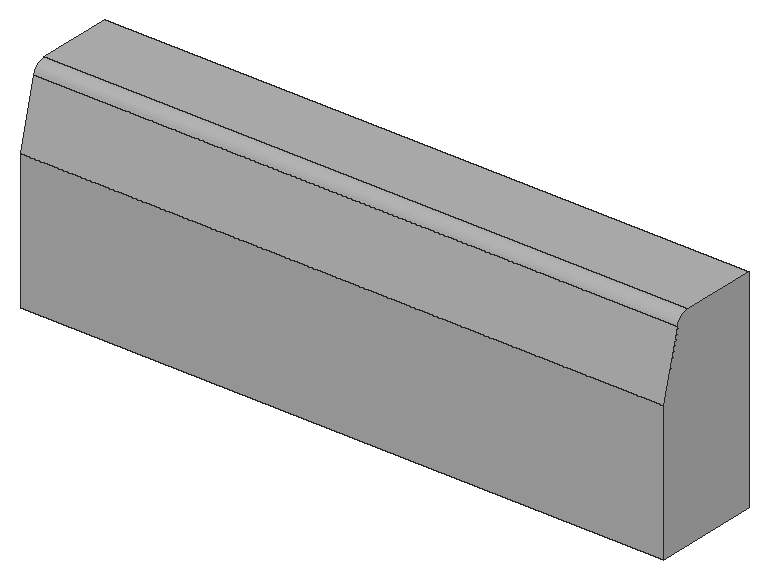
Revit family "K160 12x6 Kerb", category Generic Models, Revit 2020
Family settings
  Can host rebar = No
  Round Connector Dimension = Use Diameter
  Part Type = Normal
  Work Plane-Based = No
  Always vertical = Yes
  Cut with Voids When Loaded = No
  Shared = No
  Room Calculation Point = No
Parameters
  Weight = "95Kg."
  Warranty Guarantor Parts = "n/a"
  Warranty Guarantor Labour = "n/a"
  Warranty Duration Unit = "n/a"
  Warranty Duration Parts = "n/a"
  Warranty Duration Labour = "n/a"
  Warranty Description = "n/a"
  Unit Width [instance] = 150 mm
  Unit Length [instance] = 914 mm
  Unit Height [instance] = 300 mm
  URL = "www.killeshal.com"
  Types = "Single"
  Type Comments = "Visit our website for a full list of available products."
  Sustainability Performance = "n/a"
  Structural Class = "n/a"
  Span = "Length."
  Slope = "0.00°"
  Size = "150 Wide x 300 High x 914mm Long."
  Shape = "As per drawing"
  Service Life = "0.000000"
  Serial Number = "n/a"
  Resistance to Fire = "n/a"
  Replacement Cost = "n/a"
  Reference = "n/a"
  Notified Body = "n/a"
  Nominal Cover to Main Bar = "n/a"
  Model = "K/160 Kerb."
  Mechanical Resistance = "n/a"
  Manufacturer = "Killeshal Precast Concrete Ltd."
  Load Bearing = no
  Life Cycle Environmental Load = "n/a"
  Length Options = "914mm."
  Keynote = "The information contained is the sole property of KPC Ltd., any reproduction in part or whole without permission of KPC Ltd. is prohibited."
  Environmental Product Declaration = "n/a"
  Environmental Class = "n/a"
  Durability against Corrosion = "n/a"
  Dimension Accuracy Class = "I.S. EN 1340:2003"
  Detailing = "As per design specification and product drawings."
  Description = "12\" x 6\" x 3' Kerb."
  Default Elevation = 0 mm
  Dangerous Substances = "n/a"
  Contact Tel = "0035357 9353018"
  Contact Email = "sales@killeshal.com"
  Construction Type = "Precast"
  Construction Tolerance Class = "I.S. EN 1340:2003"
  Compressive Strength of Concrete = "n/a"
  Characteristics of Reinforcing Steel = "n/a"
  Characteristics Deflection Under Load = "n/a"
Reference planes
  plane 1 "Center (Front/Back)": y = 0
  plane 2: z = 0
  plane 3 "Center (Left/Right)": x = 0
  plane 4 "Rear": y = 75
  plane 5 "Front": y = -75
  plane 6 "Center L/W": z = 196
  plane 7 "Center L/Z": z = 300
  plane 8 "Center L/AA": y = -32.4
  plane 9 "Center L/BB": y = -43.8
  plane 10 "Center L/CC": z = 285.9
Forms (mm)
  Extrusion 1, solid, material "Precast Concrete (KPC)"
    sketch origin (0, 0, 0) x (0, 1, 0) y (0, 0, 1)
      loop
        line (75, 0) -> (75, 300) -> (-32.4, 300)
        arc (-32.4, 300) -> (-43.954, 296.083) -> (-50.745, 285.947) r 19
        line (-50.745, 285.947) -> (-75, 196) -> (-75, 0) -> (75, 0)
    from 0 to 914
Dimensions and locks
  "Unit Length": Extrusion 1 to Extrusion 1
  plane 4 "Rear" to plane 9 "Center L/BB" = 118.8 mm
  "Unit Height": Extrusion 1 to Extrusion 1
  Extrusion 1 to plane 6 "Center L/W" = 196 mm
  "Unit Width": Extrusion 1 to Extrusion 1
  aligned and locked: level to plane 2
Automatic sketch dimensions
  Extrusion 1 sketch curve to level = 0 mm
  Extrusion 1 sketch curve to plane 5 "Front" = 0 mm
  Extrusion 1 sketch curve to plane 7 "Center L/Z" = 0 mm
  Extrusion 1 sketch curve to plane 8 "Center L/AA" = 0 mm
  Extrusion 1 sketch curve to plane 4 "Rear" = 0 mm
  Extrusion 1 sketch curve to plane 6 "Center L/W" = 0 mm
  plane 10 "Center L/CC" to Extrusion 1 sketch curve = 0.047 mm
  Extrusion 1 sketch curve to plane 9 "Center L/BB" = 6.945 mm
